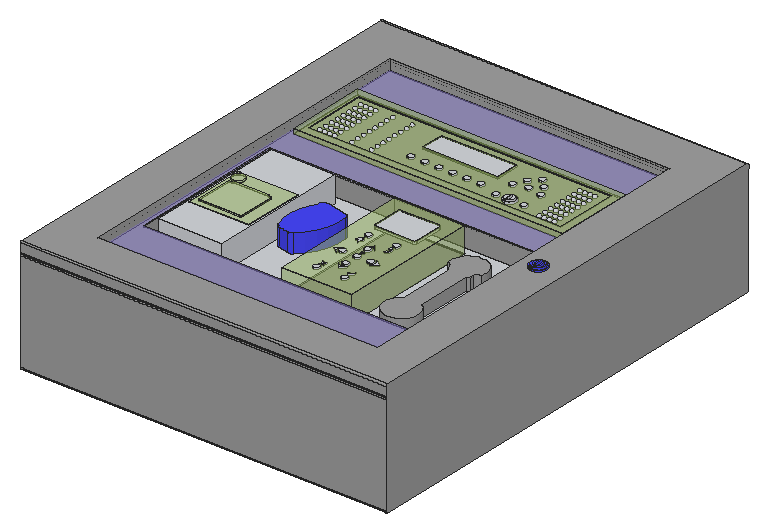
Revit family "Maxlogic Contrôle Panneaux d'Alarme Incendie Adressable Intelligent grande caisse NPTA", category Fire Alarm Devices, host Face, Revit 2021 (continued)
Forms (mm)
  Extrusion 151, solid
    sketch origin (-320, 0, -50) x (1, 0, 0) y (0, 0, 1)
      loop
        arc (597.572, 96.743) -> (586.7, 106.067) -> (575.828, 96.743) r 11
    from -403.653 to -401.7
  Extrusion 152, solid
    sketch origin (-360, 0, -50) x (1, 0, 0) y (0, 0, 1)
      loop
        line (575.828, 96.743) -> (574.511, 96.743)
        arc (574.511, 96.743) -> (574.427, 95.036) -> (574.511, 93.33) r 17.356
        line (574.511, 93.33) -> (575.838, 93.33)
        arc (575.838, 93.33) -> (586.7, 84.067) -> (597.562, 93.33) r 11
        line (597.562, 93.33) -> (598.889, 93.33)
        arc (598.889, 93.33) -> (598.973, 95.036) -> (598.889, 96.743) r 17.356
        line (598.889, 96.743) -> (597.572, 96.743)
        arc (597.572, 96.743) -> (586.7, 106.067) -> (575.828, 96.743) r 11
    from -403.653 to -401.7
  Extrusion 153, solid
    sketch origin (-400, 0, -50) x (1, 0, 0) y (0, 0, 1)
      loop
        line (575.828, 96.743) -> (574.511, 96.743)
        arc (574.511, 96.743) -> (574.427, 95.036) -> (574.511, 93.33) r 17.356
        line (574.511, 93.33) -> (575.838, 93.33)
        arc (575.838, 93.33) -> (586.7, 84.067) -> (597.562, 93.33) r 11
        line (597.562, 93.33) -> (598.889, 93.33)
        arc (598.889, 93.33) -> (598.973, 95.036) -> (598.889, 96.743) r 17.356
        line (598.889, 96.743) -> (597.572, 96.743)
        arc (597.572, 96.743) -> (586.7, 106.067) -> (575.828, 96.743) r 11
    from -403.653 to -401.7
  Extrusion 154, solid
    sketch origin (-440, 0, -50) x (1, 0, 0) y (0, 0, 1)
      loop
        line (575.828, 96.743) -> (574.511, 96.743)
        arc (574.511, 96.743) -> (574.427, 95.036) -> (574.511, 93.33) r 17.356
        line (574.511, 93.33) -> (575.838, 93.33)
        arc (575.838, 93.33) -> (586.7, 84.067) -> (597.562, 93.33) r 11
        line (597.562, 93.33) -> (598.889, 93.33)
        arc (598.889, 93.33) -> (598.973, 95.036) -> (598.889, 96.743) r 17.356
        line (598.889, 96.743) -> (597.572, 96.743)
        arc (597.572, 96.743) -> (586.7, 106.067) -> (575.828, 96.743) r 11
    from -403.653 to -401.7
  Extrusion 155, solid
    sketch origin (-480, 0, 0) x (1, 0, 0) y (0, 0, 1)
      loop
        line (575.828, 96.743) -> (574.511, 96.743)
        arc (574.511, 96.743) -> (574.427, 95.036) -> (574.511, 93.33) r 17.356
        line (574.511, 93.33) -> (575.838, 93.33)
        arc (575.838, 93.33) -> (586.7, 84.067) -> (597.562, 93.33) r 11
        line (597.562, 93.33) -> (598.889, 93.33)
        arc (598.889, 93.33) -> (598.973, 95.036) -> (598.889, 96.743) r 17.356
        line (598.889, 96.743) -> (597.572, 96.743)
        arc (597.572, 96.743) -> (586.7, 106.067) -> (575.828, 96.743) r 11
    from -403.653 to -401.7
  Extrusion 156, solid
    sketch origin (-480, 0, -50) x (1, 0, 0) y (0, 0, 1)
      loop
        line (575.828, 96.743) -> (574.511, 96.743)
        arc (574.511, 96.743) -> (574.427, 95.036) -> (574.511, 93.33) r 17.356
        line (574.511, 93.33) -> (575.838, 93.33)
        arc (575.838, 93.33) -> (586.7, 84.067) -> (597.562, 93.33) r 11
        line (597.562, 93.33) -> (598.889, 93.33)
        arc (598.889, 93.33) -> (598.973, 95.036) -> (598.889, 96.743) r 17.356
        line (598.889, 96.743) -> (597.572, 96.743)
        arc (597.572, 96.743) -> (586.7, 106.067) -> (575.828, 96.743) r 11
    from -403.653 to -401.7
  Extrusion 157, solid
    sketch origin (-520, 0, 0) x (1, 0, 0) y (0, 0, 1)
      loop
        line (575.828, 96.743) -> (574.511, 96.743)
        arc (574.511, 96.743) -> (574.427, 95.036) -> (574.511, 93.33) r 17.356
        line (574.511, 93.33) -> (575.838, 93.33)
        arc (575.838, 93.33) -> (586.7, 84.067) -> (597.562, 93.33) r 11
        line (597.562, 93.33) -> (598.889, 93.33)
        arc (598.889, 93.33) -> (598.973, 95.036) -> (598.889, 96.743) r 17.356
        line (598.889, 96.743) -> (597.572, 96.743)
        arc (597.572, 96.743) -> (586.7, 106.067) -> (575.828, 96.743) r 11
    from -403.653 to -401.7
  Extrusion 158, solid
    sketch origin (-520, 0, -50) x (1, 0, 0) y (0, 0, 1)
      loop
        line (575.828, 96.743) -> (574.511, 96.743)
        arc (574.511, 96.743) -> (574.427, 95.036) -> (574.511, 93.33) r 17.356
        line (574.511, 93.33) -> (575.838, 93.33)
        arc (575.838, 93.33) -> (586.7, 84.067) -> (597.562, 93.33) r 11
        line (597.562, 93.33) -> (598.889, 93.33)
        arc (598.889, 93.33) -> (598.973, 95.036) -> (598.889, 96.743) r 17.356
        line (598.889, 96.743) -> (597.572, 96.743)
        arc (597.572, 96.743) -> (586.7, 106.067) -> (575.828, 96.743) r 11
    from -403.653 to -401.7
Cuts and joins
  Extrusion 6, Extrusion 8, Extrusion 108 cuts Extrusion 1
  Extrusion 8, Extrusion 106 cuts Extrusion 7
  Extrusion 110 cuts Extrusion 109
Dimensions and locks
  aligned and locked: plane 2 to host face
  aligned and locked: level to host face
Connectors
  electrical at (326.654, 387.95, 183.35)
    settings: on cut or joined group of Extrusion 1, Extrusion 6, Extrusion 8, Extrusion 108, index 1, voltage 0 V, apparent load 0 VA, apparent load phase1 0 VA, apparent load phase2 0 VA, apparent load phase3 0 VA, power factor 1, load classification "Other", number of poles 1, system type 31, power factor state 1, is connector primary yes, connector utility no, sub classification motor no, connector description ""
Types (18, lengths in mm): name | Code de Produit | Description
  (no name) | "ML-12512.NPTA" | "Panneau de Contrôle d'Alarme Incendie Adressable,12 boucle,1524 Adresse avec Réseau,Imprimente,Téléphone  Anonce"
  Maxlogic Tableau Répétiteur sans boucle , réseau,imprimente,Téléphone anonce | "ML-1250.NPTA" | "Tableau Répétiteur sans boucle , réseau,imprimente,Téléphone anonce"
  Maxlogic Panneau de Contrôle d'Alarme Incendie Adressable,1 boucle,127 Adresse avec Réseau,Imprimente,Téléphone  Anonce | "ML-1251.NPTA" | "Maxlogic Panneau de Contrôle d'Alarme Incendie Adressable,1 boucle,127 Adresse avec Réseau,Imprimente,Téléphone  Anonce"
  Maxlogic Panneau de Contrôle d'Alarme Incendie Adressable,2 boucle,254 Adresse avec Réseau,Imprimente,Téléphone  Anonce | "ML-1252.NPTA" | "Maxlogic Panneau de Contrôle d'Alarme Incendie Adressable,2 boucle,254 Adresse avec Réseau,Imprimente,Téléphone  Anonce"
  Maxlogic Panneau de Contrôle d'Alarme Incendie Adressable,3 boucle,381 Adresse avec Réseau,Imprimente,Téléphone  Anonce | "ML-1253.NPTA" | "Maxlogic Panneau de Contrôle d'Alarme Incendie Adressable,3 boucle,381 Adresse avec Réseau,Imprimente,Téléphone  Anonce"
  Maxlogic Panneau de Contrôle d'Alarme Incendie Adressable,4  boucle,508 Adresse avec Réseau,Imprimente,Téléphone  Anonce | "ML-1254.NPTA" | "Maxlogic Panneau de Contrôle d'Alarme Incendie Adressable,4  boucle,508 Adresse avec Réseau,Imprimente,Téléphone  Anonce"
  Maxlogic Panneau de Contrôle d'Alarme Incendie Adressable,5  boucle,635 Adresse avec Réseau,Imprimente,Téléphone  Anonce | "ML-1255.NPTA" | "Panneau de Contrôle d'Alarme Incendie Adressable,5  boucle,635 Adresse avec Réseau,Imprimente,Téléphone  Anonce"
  Maxlogic Panneau de Contrôle d'Alarme Incendie Adressable,6 boucle,762 Adresse avec Réseau,Imprimente,Téléphone  Anonce | "ML-1256.NPTA" | "Panneau de Contrôle d'Alarme Incendie Adressable,6 boucle,762 Adresse avec Réseau,Imprimente,Téléphone  Anonce"
  Maxlogic Panneau de Contrôle d'Alarme Incendie Adressable,7 boucle,889 Adresse avec Réseau,Imprimente,Téléphone  Anonce | "ML-1257.NPTA" | "Panneau de Contrôle d'Alarme Incendie Adressable,6 boucle,762 Adresse avec Réseau,Imprimente,Téléphone  Anonce"
  Maxlogic Panneau de Contrôle d'Alarme Incendie Adressable,8 boucle,1016 Adresse avec Réseau,Imprimente,Téléphone  Anonce | "ML-1258.NPTA" | "Panneau de Contrôle d'Alarme Incendie Adressable,8 boucle,1016 Adresse avec Réseau,Imprimente,Téléphone  Anonce"
  Maxlogic Panneau de Contrôle d'Alarme Incendie Adressable,9 boucle,1143 Adresse avec Réseau,Imprimente,Téléphone  Anonce | "ML-1259.NPTA" | "Panneau de Contrôle d'Alarme Incendie Adressable,9 boucle,1143 Adresse avec Réseau,Imprimente,Téléphone  Anonce"
  Maxlogic Panneau de Contrôle d'Alarme Incendie Adressable,10 boucle,1270 Adresse avec Réseau,Imprimente,Téléphone  Anonce | "ML-12510.NPTA" | "Panneau de Contrôle d'Alarme Incendie Adressable,10 boucle,1270 Adresse avec Réseau,Imprimente,Téléphone  Anonce"
  Maxlogic Panneau de Contrôle d'Alarme Incendie Adressable,11 boucle,1397 Adresse avec Réseau,Imprimente,Téléphone  Anonce | "ML-12511.NPTA" | "Panneau de Contrôle d'Alarme Incendie Adressable,11 boucle,1397 Adresse avec Réseau,Imprimente,Téléphone  Anonce"
  MaxlogicPanneau de Contrôle d'Alarme Incendie Adressable,12 boucle,1524 Adresse avec Réseau,Imprimente,Téléphone  Anonce | "ML-12512.NPTA" | "Panneau de Contrôle d'Alarme Incendie Adressable,12 boucle,1524 Adresse avec Réseau,Imprimente,Téléphone  Anonce"
  Maxlogic Panneau de Contrôle d'Alarme Incendie Adressable,13 boucle,1651 Adresse avec Réseau,Imprimente,Téléphone  Anonce | "ML-12513.NPTA" | "Panneau de Contrôle d'Alarme Incendie Adressable,13 boucle,1651 Adresse avec Réseau,Imprimente,Téléphone  Anonce"
  Maxlogic Panneau de Contrôle d'Alarme Incendie Adressable,14 boucle,1778 Adresse avec Réseau,Imprimente,Téléphone  Anonce | "ML-12514.NPTA" | "Panneau de Contrôle d'Alarme Incendie Adressable,14 boucle,1778 Adresse avec Réseau,Imprimente,Téléphone  Anonce"
  Maxlogic Panneau de Contrôle d'Alarme Incendie Adressable,15 boucle,1905 Adresse avec Réseau,Imprimente,Téléphone  Anonce | "ML-12515.NPTA" | "Panneau de Contrôle d'Alarme Incendie Adressable,15 boucle,1905 Adresse avec Réseau,Imprimente,Téléphone  Anonce"
  Maxlogic Panneau de Contrôle d'Alarme Incendie Adressable,16 boucle,2032 Adresse avec Réseau,Imprimente,Téléphone  Anonce | "ML-12516.NPTA" | "Panneau de Contrôle d'Alarme Incendie Adressable,16 boucle,2032 Adresse avec Réseau,Imprimente,Téléphone  Anonce"
